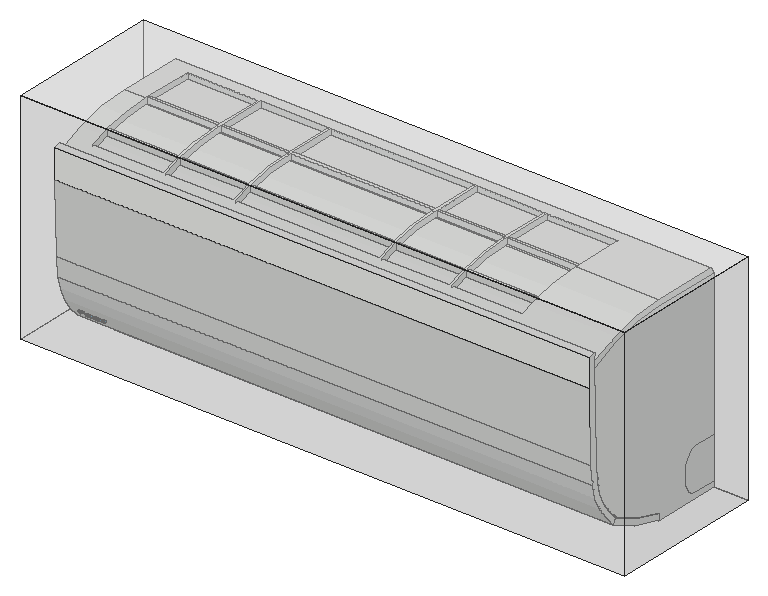
Revit family "outputfile", category 機械設備, Revit 2024
Family settings
  丸型コネクタ寸法 = 半径を使用
  パーツ タイプ = 標準
  OmniClass 番号 = 23.75.10.24.21.27.27
  OmniClass タイトル = Split System Air Conditioning Units
  作業面ベース = いいえ
  常に垂直 = はい
  ロード時にボイドで切り取り = いいえ
  注釈の向きを維持 = いいえ
  共有 = いいえ
  部屋計算ポイント = いいえ
Parameters (values of type "FTKF50TVMA")
  Description = ""
  書き出し IFC クラス(タイプ) = "IfcUnitaryEquipmentType"
  定義済み IFC タイプ(タイプ) = "AIRCONDITIONINGUNIT"
  Cost = 0
  Type Comments = ""
  Keynote = ""
  Type Image = (empty or 0)
  Assembly Code = ""
  w_wall hole = if(Width = 770.0 mm, 48.0 mm, 60.0 mm)  # 48.0 mm
  製造元 = "Daikin"
  モデル = "FTKF50TVMA"
  switch_frequency = yes
  r_Liquid Pipe Size = Liquid Pipe Size / 2  # 3.2 mm
  r_Gas Pipe Size = Gas Pipe Size / 2  # 6.35 mm
  r_Drain Pipe Size = Drain Pipe Size / 2  # 8.0 mm
  lw_powersupply [instance] = if(Width = 770.0 mm, if(or(Rear Right Connection_refrigerant, Bottom Right Connection_refrigerant), 25.0 mm, if(or(Rear Left Connection_refrigerant, Bottom Left Connection_refrigerant), 745.0 mm, 400.0 mm)), if(Width = 990.0 mm, if(or(Rear Right Connection_refrigerant, Bottom Right Connection_refrigerant), 40.0 mm, if(or(Rear Left Connection_refrigerant, Bottom Left Connection_refrigerant), 920.0 mm, 400.0 mm)), if(or(Rear Right Connection_refrigerant, Bottom Right Connection_refrigerant), 40.0 mm, if(or(Rear Left Connection_refrigerant, Bottom Left Connection_refrigerant), 920.0 mm, 400.0 mm))))  # 400.0 mm
  lw_liquidpipe [instance] = if(Width = 770.0 mm, if(or(Rear Right Connection_refrigerant, Bottom Right Connection_refrigerant), 0.0 mm, if(or(Rear Left Connection_refrigerant, Bottom Left Connection_refrigerant), 664.0 mm, 385.0 mm)), if(Width = 990.0 mm, if(or(Rear Right Connection_refrigerant, Bottom Right Connection_refrigerant), 0.0 mm, if(or(Rear Left Connection_refrigerant, Bottom Left Connection_refrigerant), 664.0 mm + (990.0 mm - 770.0 mm), 475.0 mm)), if(or(Rear Right Connection_refrigerant, Bottom Right Connection_refrigerant), 0.0 mm, if(or(Rear Left Connection_refrigerant, Bottom Left Connection_refrigerant), 664.0 mm + (990.0 mm - 770.0 mm), 475.0 mm))))  # 385.0 mm
  lw_gaspipe [instance] = if(Width = 770.0 mm, if(or(Rear Right Connection_refrigerant, Bottom Right Connection_refrigerant), 0.0 mm, if(or(Rear Left Connection_refrigerant, Bottom Left Connection_refrigerant), 675.0 mm, if(Gas Pipe Size = 12.7 mm, 345.0 mm, 335.0 mm))), if(Width = 990.0 mm, if(or(Rear Right Connection_refrigerant, Bottom Right Connection_refrigerant), 10.0 mm, if(or(Rear Left Connection_refrigerant, Bottom Left Connection_refrigerant), 890.0 mm, if(Gas Pipe Size = 15.9 mm, 400.0 mm, 400.0 mm))), if(or(Rear Right Connection_refrigerant, Bottom Right Connection_refrigerant), 10.0 mm, if(or(Rear Left Connection_refrigerant, Bottom Left Connection_refrigerant), 890.0 mm, if(Gas Pipe Size = 15.9 mm, 400.0 mm, 400.0 mm)))))  # 345.0 mm
  lw_drainpipe [instance] = if(Width = 770.0 mm, if(or(Rear Right Connection_refrigerant, Bottom Right Connection_refrigerant), 0.0 mm, if(or(Rear Left Connection_refrigerant, Bottom Left Connection_refrigerant), 770.0 mm - 48.0 mm - 48.0 mm, 440.0 mm)), if(Width = 990.0 mm, if(or(Rear Right Connection_refrigerant, Bottom Right Connection_refrigerant), 0.0 mm, if(or(Rear Left Connection_refrigerant, Bottom Left Connection_refrigerant), 675.0 mm + (990.0 mm - 770.0 mm), 435.0 mm)), if(or(Rear Right Connection_refrigerant, Bottom Right Connection_refrigerant), 0.0 mm, if(or(Rear Left Connection_refrigerant, Bottom Left Connection_refrigerant), 675.0 mm + (990.0 mm - 770.0 mm), 435.0 mm))))  # 440.0 mm
  l_powersupply_length [instance] = if(Width = 770.0 mm, if(Right Connection_refrigerant, 400.0 mm, if(Left Connection_refrigerant, 770.0 mm - 400.0 mm, if(or(Rear Left Connection_refrigerant, Rear Right Connection_refrigerant), 15.0 mm, 50.0 mm))), if(Width = 990.0 mm, if(Right Connection_refrigerant, 400.0 mm, if(Left Connection_refrigerant, 990.0 mm - 400.0 mm, if(or(Rear Left Connection_refrigerant, Rear Right Connection_refrigerant), 15.0 mm, 50.0 mm))), if(Right Connection_refrigerant, 400.0 mm, if(Left Connection_refrigerant, 990.0 mm - 400.0 mm, if(or(Rear Left Connection_refrigerant, Rear Right Connection_refrigerant), 15.0 mm, 50.0 mm)))))  # 400.0 mm
  l_liquidpipe_length [instance] = if(Width = 770.0 mm, if(Right Connection_refrigerant, 433.0 mm, if(Left Connection_refrigerant, 337.0 mm, if(or(Rear Left Connection_refrigerant, Rear Right Connection_refrigerant), 30.0 mm, 40.0 mm))), if(Width = 990.0 mm, if(Right Connection_refrigerant, 535.0 mm, if(Left Connection_refrigerant, 455.0 mm, if(or(Rear Left Connection_refrigerant, Rear Right Connection_refrigerant), 30.0 mm, 40.0 mm))), if(Right Connection_refrigerant, 535.0 mm, if(Left Connection_refrigerant, 455.0 mm, if(or(Rear Left Connection_refrigerant, Rear Right Connection_refrigerant), 30.0 mm, 40.0 mm)))))  # 433.0 mm
  l_gaspipe_length [instance] = if(Width = 770.0 mm, if(Right Connection_refrigerant, if(Gas Pipe Size = 12.7 mm, 393.0 mm, 383.0 mm), if(Left Connection_refrigerant, if(Gas Pipe Size = 12.7 mm, 770.0 mm - 393.0 mm, 770.0 mm - 383.0 mm), if(or(Rear Left Connection_refrigerant, Rear Right Connection_refrigerant), 40.0 mm, 50.0 mm))), if(Width = 990.0 mm, if(Right Connection_refrigerant, if(Gas Pipe Size = 15.9 mm, 460.0 mm, 460.0 mm), if(Left Connection_refrigerant, if(Gas Pipe Size = 15.9 mm, 990.0 mm - 460.0 mm, 990.0 mm - 460.0 mm), if(or(Rear Left Connection_refrigerant, Rear Right Connection_refrigerant), 40.0 mm, 50.0 mm))), if(Right Connection_refrigerant, if(Gas Pipe Size = 15.9 mm, 460.0 mm, 460.0 mm), if(Left Connection_refrigerant, if(Gas Pipe Size = 15.9 mm, 990.0 mm - 460.0 mm, 990.0 mm - 460.0 mm), if(or(Rear Left Connection_refrigerant, Rear Right Connection_refrigerant), 40.0 mm, 50.0 mm)))))  # 393.0 mm
  l_drainpipe_length [instance] = if(Width = 770.0 mm, if(Right Connection_refrigerant, 488.0 mm, if(Left Connection_refrigerant, 282.0 mm, if(or(Rear Left Connection_refrigerant, Rear Right Connection_refrigerant), 15.0 mm, 20.0 mm))), if(Width = 990.0 mm, if(Right Connection_refrigerant, 495.0 mm, if(Left Connection_refrigerant, 495.0 mm, if(or(Rear Left Connection_refrigerant, Rear Right Connection_refrigerant), 15.0 mm, 20.0 mm))), if(Right Connection_refrigerant, 495.0 mm, if(Left Connection_refrigerant, 495.0 mm, if(or(Rear Left Connection_refrigerant, Rear Right Connection_refrigerant), 15.0 mm, 20.0 mm)))))  # 488.0 mm
  h*** = 0.0 mm  # constant formula
  connector_voltage = Voltage_50Hz  # 230 V
  connector_powerinput = [Power Input (Cooling)]  # 0.000 kW
  connector_phase = Phase_50Hz  # 1
  angle_vertical [instance] = if(or(Bottom Left Connection_refrigerant, Bottom Right Connection_refrigerant), 0.00°, 90.00°)  # 90.00°
  angle_horizontal [instance] = if(Right Connection_refrigerant, 90.00°, if(Left Connection_refrigerant, -90.00°, if(or(Rear Left Connection_refrigerant, Rear Right Connection_refrigerant), 180.00°, 0.00°)))  # 90.00°
  Width = 770.0 mm
  Voltage_comment_50Hz = "220 - 240"
  Voltage_50Hz = 230 V
  Version = "ver.1.0"
  Unit Type = "Wall Mounted"
  Unit Mass Weight = 9.00 kg
  Unit Designation [instance] = ""
  Uniclass2015Version = "Products v1.30"
  Uniclass2015Title = "Split coil room air conditioning units"
  Uniclass2015Code = "Pr_70_65_03_86"
  URL = ""
  Total Cooling Capacity [instance] = 0.000 kW
  Sound Pressure Level_M speed (dBA) = 41
  Sound Pressure Level_L speed (dBA) = 35
  Sound Pressure Level_H speed (dBA) = 46
  Sound Power Level_H speed (dB) = 0
  Series = "Single Split_Fan Coil Unit"
  Sensible Cooling Capacity [instance] = 0.000 kW
  Refrigerant Type = "R32"
  Power Input (Cooling) = 0.000 kW
  Phase_50Hz = 1
  Option Accessory 3 [instance] = ""
  Option Accessory 2 [instance] = ""
  Option Accessory 1 [instance] = ""
  Nominal Cooling Capacity = 5.000 kW
  Minimum Circuit Amps_50Hz = 0.0 A
  Minimum Airflow = 516.00 m³/h
  Median Airflow = 636.00 m³/h
  Maximum Fuse Amps_50Hz = 0.0 A
  Maximum Airflow = 762.00 m³/h
  Material_Casing = DAIKIN_PureWhite_Casing_indoorunit
  Load Classification = HVAC
  Liquid Pipe Size = 6.4 mm
  Link_Nested Family [instance] = ""
  IfcVersion = ""
  IfcExportType = "AIRCONDITIONINGUNIT"
  IfcExportAs = "IfcUnitaryEquipmentType"
  Height = 285.0 mm
  Heat Exchanger Type = "Cross Fin Coil"
  Gas Pipe Size = 12.7 mm
  Frequency_50Hz = 50 Hz
  Fan Type = "Cross Flow Fan"
  Fan Drive = "Direct Drive"
  FCU Tag No. [instance] = ""
  Drain Pipe Size = 16.0 mm
  Design Supply Airflow [instance] = 0.00 m³/h
  Depth = 223.0 mm
  既定の高さ = 0.0 mm
  Cooling Entering Wet Bulb Temperature [instance] = 0.00 °C
  Cooling Entering Dry Bulb Temperature [instance] = 0.00 °C
  Cooling Ambient Wet Bulb Temperature [instance] = 0.00 °C
  Cooling Ambient Dry Bulb Temperature [instance] = 0.00 °C
  Clearance visibility [instance] = yes
  Clearance Top = 30.0 mm
  Clearance Right = 50.0 mm
  Clearance Rear = 0.0 mm
  Clearance Left = 50.0 mm
  Clearance Front = 0.0 mm
  Clearance Bottom = 0.0 mm
  Bottom Right Connection_refrigerant [instance] = no
  Bottom Left Connection_refrigerant [instance] = no
  Rear Right Connection_refrigerant [instance] = no
  Rear Left Connection_refrigerant [instance] = no
  Right Connection_refrigerant [instance] = yes
  Left Connection_refrigerant [instance] = no
Reference planes
  plane 1 "Back": y = 0
  plane 2: z = 0
  plane 3 "Center (Left/Right)": x = 0
  plane 4 "Center (Front/Back)": y = -111.5
  plane 5 "Front": y = -223
  plane 6 "Left": x = -385
  plane 7 "Right": x = 385
  plane 8 "Top": z = 0
  plane 9 "Bottom": z = -285
  plane 10: x = -435
  plane 11: x = 435
  plane 12: y = 0
  plane 13: y = -223
  plane 14: z = 30
  plane 15: z = -285
  plane 16 "lw_Piping and Wiring intake": x = 337
  plane 17 "lw_gaspipe": x = -8
  plane 18 "lw_liquidpipe": x = -48
  plane 19 "lw_drainpipe": x = -103
  plane 20 "lh_drainpipe": z = -265
  plane 21 "lh_liquidpipe": z = -245
  plane 22 "lh_gaspipe": z = -235
  plane 23 "ld_drainpipe": y = -15
  plane 24 "ld_liquidpipe": y = -30
  plane 25 "ld_gaspipe": y = -40
  plane 26 "lw_powersupply": x = -15
Dimensions and locks
  equal spacing: plane 6 "Left", plane 3 "Center (Left/Right)", plane 7 "Right"
  "Width": plane 6 "Left" to plane 7 "Right"
  equal spacing: plane 5 "Front", plane 4 "Center (Front/Back)", plane 1 "Back"
  "Depth": plane 5 "Front" to plane 1 "Back"
  "Height": plane 8 "Top" to plane 9 "Bottom"
  "Clearance Rear": plane 12 to plane 1 "Back"
  "Clearance Front": plane 13 to plane 5 "Front"
  "Clearance Top": plane 14 to plane 8 "Top"
  "Clearance Bottom": plane 9 "Bottom" to plane 15
  "w_wall hole": plane 16 "lw_Piping and Wiring intake" to plane 7 "Right"
  "lw_gaspipe": plane 17 "lw_gaspipe" to plane 16 "lw_Piping and Wiring intake"
  "lw_liquidpipe": plane 18 "lw_liquidpipe" to plane 16 "lw_Piping and Wiring intake"
  "lw_drainpipe": plane 19 "lw_drainpipe" to plane 16 "lw_Piping and Wiring intake"
  locked: plane 20 "lh_drainpipe" to plane 9 "Bottom" at 20
  locked: plane 21 "lh_liquidpipe" to plane 9 "Bottom" at 40
  locked: plane 22 "lh_gaspipe" to plane 9 "Bottom" at 50
  locked: plane 23 "ld_drainpipe" to plane 1 "Back" at 15
  locked: plane 1 "Back" to plane 24 "ld_liquidpipe" at 30
  locked: plane 1 "Back" to plane 25 "ld_gaspipe" at 40
  "lw_powersupply": plane 26 "lw_powersupply" to plane 7 "Right"
  "Clearance Left": plane 10 to plane 6 "Left"
  "Clearance Right": plane 7 "Right" to plane 11
  aligned and locked: level to plane 2
  aligned and locked: plane 12 to nested 1
  aligned and locked: nested 1 to plane 13
  aligned and locked: plane 10 to nested 1
  aligned and locked: plane 11 to nested 1
  aligned and locked: plane 15 to nested 1
  aligned and locked: plane 14 to nested 1
  aligned and locked: plane 17 "lw_gaspipe" to nested 2
  aligned and locked: nested 2 to plane 25 "ld_gaspipe"
  aligned and locked: plane 18 "lw_liquidpipe" to nested 3
  aligned and locked: nested 3 to plane 24 "ld_liquidpipe"
  aligned and locked: plane 19 "lw_drainpipe" to nested 4
  aligned and locked: nested 4 to plane 23 "ld_drainpipe"
  aligned and locked: nested 5 to plane 23 "ld_drainpipe"
  aligned and locked: plane 26 "lw_powersupply" to nested 5
  aligned and locked: level to plane 8 "Top"
  aligned and locked: plane 3 "Center (Left/Right)" to nested 6
  aligned and locked: plane 1 "Back" to nested 6
  aligned and locked: plane 8 "Top" to nested 6
Nested families
  nested 1: "daikin_clearancespace" at (0, -111.5, -127.381), show <- "Clearance visibility", visible <- "Clearance visibility", Link_Nested Family <- "Link_Nested Family", type "daikin_clearancespace"
    with width 870.0 mm, show yes, height 315.0 mm, depth 223.0 mm, Link_Nested Family ""
  nested 2: "daikin_connector_rotate3" at (-8, -40, -235), angle_vertical <- "angle_vertical", angle_horizontal <- "angle_horizontal", length <- "l_gaspipe_length", radius <- "r_Gas Pipe Size", type "daikin_connector_rotate3"
    with show no, radius 6.35 mm, length 393.0 mm, angle_vertical 90.00°, angle_horizontal 90.00°
  nested 3: "daikin_connector_rotate3" at (-48, -30, -245), angle_vertical <- "angle_vertical", angle_horizontal <- "angle_horizontal", radius <- "r_Liquid Pipe Size", length <- "l_liquidpipe_length", type "daikin_connector_rotate3"
    with show no, radius 3.2 mm, length 433.0 mm, angle_vertical 90.00°, angle_horizontal 90.00°
  nested 4: "daikin_connector_rotate3" at (-103, -15, -265), angle_vertical <- "angle_vertical", angle_horizontal <- "angle_horizontal", length <- "l_drainpipe_length", radius <- "r_Drain Pipe Size", type "daikin_connector_rotate3"
    with show no, radius 8.0 mm, length 488.0 mm, angle_vertical 90.00°, angle_horizontal 90.00°
  nested 5: "daikin_connector_rotate3" at (-15, -15, -235), angle_vertical <- "angle_vertical", angle_horizontal <- "angle_horizontal", length <- "l_powersupply_length", type "daikin_connector_rotate3"
    with show no, radius 10.0 mm, length 400.0 mm, angle_vertical 90.00°, angle_horizontal 90.00°
  nested 6: "DAIKIN_indoorunit_FTKF-TVMA" at (-31, 0, 0), type "FTKF-TVMA"
Connectors
  piping at (385, -40, -235), diameter 12.7, driven by "r_Gas Pipe Size"
    settings: on nested 2, index 1, connector inside diameter 609.6 mm, connector length 0.0 mm, flow factor 0, pipe flow 0.00 m³/h, pressure drop 0.0 Pa, fitting loss kfactor 0, connector angle 0.00°, fixture units 0, engagement length 0.0 mm, angle of deflection 0.00°, flow configuration 1, flow direction 2, fitting loss method 0, system type 29, joint type 0, gender type 0, connector reference index -1, connector utility 0, adjustable connector no, is connector primary yes, connector description "Refrigerant Gas Piping"
  piping at (385, -30, -245), diameter 6.4, driven by "r_Liquid Pipe Size"
    settings: on nested 3, index 2, connector inside diameter 609.6 mm, connector length 0.0 mm, flow factor 0, pipe flow 0.00 m³/h, pressure drop 0.0 Pa, fitting loss kfactor 0, connector angle 0.00°, fixture units 0, engagement length 0.0 mm, angle of deflection 0.00°, flow configuration 1, flow direction 1, fitting loss method 0, system type 29, joint type 0, gender type 0, connector reference index -1, connector utility 0, adjustable connector no, is connector primary no, connector description "Refrigerant Liquid Piping"
  piping at (385, -15, -265), diameter 16, driven by "r_Drain Pipe Size"
    settings: on nested 4, index 3, connector inside diameter 609.6 mm, connector length 0.0 mm, flow factor 0, pipe flow 0.00 m³/h, pressure drop 0.0 Pa, fitting loss kfactor 0, connector angle 0.00°, fixture units 0, engagement length 0.0 mm, angle of deflection 0.00°, flow configuration 1, flow direction 2, fitting loss method 4, system type 16, joint type 0, gender type 0, connector reference index -1, connector utility 0, adjustable connector no, is connector primary no, connector description "Condensate Drain Piping"
  electrical at (385, -15, -235), driven by "Load Classification", driven by "connector_voltage", driven by "connector_phase", driven by "connector_powerinput"
    settings: on nested 5, index 4, voltage 230 V, apparent load 0 VA, apparent load phase1 0 VA, apparent load phase2 0 VA, apparent load phase3 0 VA, power factor 1, load classification "HVAC", number of poles 1, system type 30, power factor state 1, is connector primary yes, connector utility no, sub classification motor no, connector description "Power Supply"
Definition of nested family "daikin_clearancespace"
  Parameters (values of type "daikin_clearancespace")
    Description = "daikin_clearancespace"
    width [instance] = 1823.963 mm
    show [instance] = yes
    material = none
    height [instance] = 1359.762 mm
    depth [instance] = 880.0 mm
    Default Elevation = 0.0 mm
    Link_Nested Family [instance] = ""
  Reference planes
    plane 1 "Center (Front/Back)": y = 0
    plane 2 "Center (Elevation)": z = -0.119
    plane 3 "Center (Left/Right)": x = 0
    plane 4: y = 440
    plane 5: y = -440
    plane 6 "Right": x = 911.982
    plane 7 "Left": x = -911.982
    plane 8 "Top": z = 679.762
    plane 9 "Bottom": z = -680
  Forms (mm)
    Extrusion 1, solid, material <- "material", visible <- "show"
      sketch origin (0, 0, 0) x (1, 0, 0) y (0, 1, 0)
        loop
          line (-911.982, 440) -> (-911.982, -440) -> (911.982, -440) -> (911.982, 440) -> (-911.982, 440)
      from -680 to 679.762
  Lines and regions (mm)
    symbolic lines, visible <- "show"
      curve 1: line (911.982, 440, 0) -> (-911.982, 440, 0)
      curve 2: line (-911.982, 440, 0) -> (-911.982, -440, 0)
      curve 3: line (-911.982, -440, 0) -> (911.982, -440, 0)
      curve 4: line (911.982, -440, 0) -> (911.982, 440, 0)
      curve 5: line (911.982, 0, 679.762) -> (-911.982, 0, 679.762)
      curve 6: line (911.982, 0, -680) -> (911.982, 0, 679.762)
      curve 7: line (-911.982, 0, -680) -> (911.982, 0, -680)
      curve 8: line (-911.982, 0, 679.762) -> (-911.982, 0, -680)
      curve 9: line (0, 440, 679.762) -> (0, -440, 679.762)
      curve 10: line (0, -440, 679.762) -> (0, -440, -680)
      curve 11: line (0, 440, -680) -> (0, 440, 679.762)
      curve 12: line (0, -440, -680) -> (0, 440, -680)
  Dimensions and locks
    "width": plane 7 "Left" to plane 6 "Right"
    "depth": plane 4 to plane 5
    "height": plane 8 "Top" to plane 9 "Bottom"
    equal spacing: plane 7 "Left", plane 3 "Center (Left/Right)", plane 6 "Right"
    equal spacing: plane 4, plane 1 "Center (Front/Back)", plane 5
    equal spacing: plane 8 "Top", plane 2 "Center (Elevation)", plane 9 "Bottom"
    aligned and locked: level to plane 2 "Center (Elevation)"
    aligned and locked: Extrusion 1 sketch curve to plane 4
    aligned and locked: plane 7 "Left" to Extrusion 1 sketch curve
    aligned and locked: Extrusion 1 sketch curve to plane 5
    aligned and locked: Extrusion 1 sketch curve to plane 6 "Right"
    aligned and locked: plane 8 "Top" to Extrusion 1
    aligned and locked: curve 1 to Extrusion 1
    aligned and locked: curve 2 to Extrusion 1
    aligned and locked: curve 3 to Extrusion 1
    aligned and locked: curve 4 to Extrusion 1
    aligned and locked: curve 5 to Extrusion 1
    aligned and locked: curve 6 to Extrusion 1
    aligned and locked: curve 7 to Extrusion 1
    aligned and locked: curve 8 to Extrusion 1
    aligned and locked: curve 9 to Extrusion 1
    aligned and locked: curve 10 to Extrusion 1
    aligned and locked: curve 11 to Extrusion 1
    aligned and locked: curve 12 to Extrusion 1
    aligned and locked: Extrusion 1 to plane 9 "Bottom"
Definition of nested family "DAIKIN_indoorunit_FTKF-TVMA"
  Parameters (values of type "FTKF-TVMA")
    switch_unit1_60-71 = Width = 990.0 mm  # no
    switch_unit1_20-50 = Width = 770.0 mm  # yes
    Width = 770.0 mm
    WALL HOLE-R = if(Width = 770.0 mm, 48.0 mm, 60.0 mm)  # 48.0 mm
    WALL HOLE Size = if(Width = 770.0 mm, 65.0 mm, 80.0 mm)  # 65.0 mm
    Material_Casing = none
    Height = if(Width = 770.0 mm, 285.0 mm, 295.0 mm)  # 285.0 mm
    Default Elevation = 0.0 mm
  Reference planes
    plane 1 "Center (Front/Back)": y = 0
    plane 2 "reference_level": z = 0
    plane 3 "Center (Left/Right)": x = 31
    plane 4: x = -354
    plane 5: x = 416
    plane 6: z = -285
  Forms (mm)
    Extrusion 1, solid, material <- "Material_Casing", visible <- "switch_unit1_20-50"
      sketch origin (29, 0, 0) x (0, 1, 0) y (0, 0, 1)
        loop
          line (-5, 0) -> (-98, 0)
          arc (-98, 0) -> (-157.611, -7.211) -> (-213.783, -28.427) r 250
          arc (-213.783, -28.427) -> (-213.842, -32.972) -> (-213.892, -37.516) r 2191
          arc (-213.892, -37.516) -> (-157.832, -15.495) -> (-98.07, -8) r 242
          line (-98.07, -8) -> (0, -8) -> (-5, 0)
      from -383 to 387
    Extrusion 2, solid, material <- "Material_Casing", visible <- "switch_unit1_20-50"
      sketch origin (416, 1296.25, 1200) x (0, 1, 0) y (0, 0, 1)
        loop
          line (-1472.998, -1446.91) -> (-1476.998, -1453.839)
          arc (-1476.998, -1453.839) -> (-1437.481, -1472.422) -> (-1395.25, -1483.538) r 240
          line (-1395.25, -1483.538) -> (-1395.25, -1475.422)
          arc (-1395.25, -1475.422) -> (-1435.407, -1464.663) -> (-1472.998, -1446.91) r 232
      from 0 to -47.5
    Extrusion 3, solid, material <- "Material_Casing", visible <- "switch_unit1_20-50"
      sketch origin (29, 0, 0) x (0, 1, 0) y (0, 0, 1)
        loop
          arc (-223, -60.455) -> (-222.414, -110.646) -> (-220.656, -160.81) r 2149.92
          arc (-220.656, -160.81) -> (-219.65, -174.299) -> (-217.853, -187.706) r 229.911
          arc (-217.853, -187.706) -> (-205.371, -223.594) -> (-181.517, -253.17) r 111
          line (-181.517, -253.17) -> (-177.429, -246.093)
          arc (-177.429, -246.093) -> (-198.77, -218.989) -> (-209.965, -186.36) r 103
          arc (-209.965, -186.36) -> (-211.681, -173.586) -> (-212.651, -160.735) r 221.844
          arc (-212.651, -160.735) -> (-214.739, -93.233) -> (-214.74, -25.699) r 2186.828
          arc (-214.74, -25.699) -> (-214.671, -21.467) -> (-214.594, -17.235) r 2192
          line (-214.594, -17.235) -> (-223, -19.961) -> (-223, -60.455)
      from -383 to 387
    Extrusion 4, solid, material <- "Material_Casing", visible <- "switch_unit1_20-50"
      sketch origin (29, 0, -20) x (0, 1, 0) y (0, 0, 1)
        loop
          line (0, -265) -> (0, 12) -> (-98.07, 12)
          arc (-98.07, 12) -> (-157.832, 4.505) -> (-213.892, -17.516) r 242
          arc (-213.892, -17.516) -> (-213.638, -79.114) -> (-211.653, -140.681) r 2191
          arc (-211.653, -140.681) -> (-210.685, -153.501) -> (-208.973, -166.243) r 221
          arc (-208.973, -166.243) -> (-197.471, -199.282) -> (-175.482, -226.491) r 102
          arc (-175.482, -226.491) -> (-138.004, -244.019) -> (-98, -254.579) r 231
          line (-98, -254.579) -> (-98, -265) -> (0, -265)
      from -383 to 387
    Extrusion 5, solid, material <- "Material_Casing", visible <- "switch_unit1_20-50"
      sketch origin (-354, 1296.25, 1200) x (0, 1, 0) y (0, 0, 1)
        loop
          line (-1472.998, -1446.91) -> (-1476.998, -1453.839)
          arc (-1476.998, -1453.839) -> (-1437.481, -1472.422) -> (-1395.25, -1483.538) r 240
          line (-1395.25, -1483.538) -> (-1395.25, -1475.422)
          arc (-1395.25, -1475.422) -> (-1435.407, -1464.663) -> (-1472.998, -1446.91) r 232
      from 47 to 0
    Extrusion 6, solid, material <- "Material_Casing", visible <- "switch_unit1_20-50"
      sketch origin (416, 1296.25, 1200) x (0, 1, 0) y (0, 0, 1)
        loop
          line (-1472.998, -1446.91) -> (-1476.998, -1453.839)
          arc (-1476.998, -1453.839) -> (-1443.437, -1470.168) -> (-1407.75, -1481.097) r 240
          line (-1407.75, -1481.097) -> (-1407.75, -1472.894)
          arc (-1407.75, -1472.894) -> (-1441.363, -1462.385) -> (-1472.998, -1446.91) r 232
      from -116.993 to -48.493
    Extrusion 7, solid, material <- "Material_Casing", visible <- "switch_unit1_20-50"
      sketch origin (416, 1296.25, 1200) x (0, 1, 0) y (0, 0, 1)
        loop
          line (-1472.998, -1446.91) -> (-1476.998, -1453.839)
          arc (-1476.998, -1453.839) -> (-1443.437, -1470.168) -> (-1407.75, -1481.097) r 240
          line (-1407.75, -1481.097) -> (-1407.75, -1472.894)
          arc (-1407.75, -1472.894) -> (-1441.363, -1462.385) -> (-1472.998, -1446.91) r 232
      from -717 to -121.993
    Extrusion 8, void
      sketch origin (31, 0, -235) x (1, 0, 0) y (0, 1, 0)
        loop
          line (-252.674, -22.316) -> (-354.941, -22.316) -> (-354.941, -91.341) -> (-252.674, -91.341) -> (-252.674, -22.316)
        loop
          line (-249.341, -91.341) -> (-151.574, -91.341) -> (-151.574, -22.316) -> (-249.341, -22.316) -> (-249.341, -91.341)
        loop
          line (58.309, -22.316) -> (-148.309, -22.316) -> (-148.309, -91.341) -> (58.309, -91.341) -> (58.309, -22.316)
        loop
          line (61.689, -22.316) -> (61.689, -91.341) -> (159.457, -91.341) -> (159.457, -22.316) -> (61.689, -22.316)
        loop
          line (162.789, -22.316) -> (162.789, -91.341) -> (265.057, -91.341) -> (265.057, -22.316) -> (162.789, -22.316)
        loop
          line (-354.941, -94.659) -> (-354.941, -165.259) -> (-252.674, -165.259) -> (-252.674, -94.659) -> (-354.941, -94.659)
        loop
          line (-249.341, -94.659) -> (-249.341, -165.259) -> (-151.574, -165.259) -> (-151.574, -94.659) -> (-249.341, -94.659)
        loop
          line (-148.309, -94.659) -> (-148.309, -165.259) -> (58.309, -165.259) -> (58.309, -94.659) -> (-148.309, -94.659)
        loop
          line (61.689, -94.659) -> (61.689, -165.259) -> (159.457, -165.259) -> (159.457, -94.659) -> (61.689, -94.659)
        loop
          line (162.789, -94.659) -> (162.789, -165.259) -> (265.057, -165.259) -> (265.057, -94.659) -> (162.789, -94.659)
        loop
          line (-354.941, -167.382) -> (-354.941, -192.681) -> (-252.674, -192.681) -> (-252.674, -167.382) -> (-354.941, -167.382)
        loop
          line (-249.341, -167.382) -> (-249.341, -192.681) -> (-151.574, -192.681) -> (-151.574, -167.382) -> (-249.341, -167.382)
        loop
          line (-148.309, -167.382) -> (-148.309, -192.681) -> (58.309, -192.681) -> (58.309, -167.382) -> (-148.309, -167.382)
        loop
          line (159.457, -167.382) -> (61.689, -167.382) -> (61.689, -192.681) -> (159.457, -192.681) -> (159.457, -167.382)
        loop
          line (265.057, -167.382) -> (162.789, -167.382) -> (162.789, -192.681) -> (265.057, -192.681) -> (265.057, -167.382)
      from 201.638 to 250
    Extrusion 9, solid, material <- "Material_Casing"
      sketch origin (31, 0, 0) x (1, 0, 0) y (0, 0, 1)
        loop
          circle (337, -240.5) r 32.5
        loop
          circle (-337, -240.5) r 32.5
      from 0 to 5
    Extrusion 10, solid, material <- "Material_Casing", visible <- "switch_unit1_20-50"
      sketch origin (416, 1296.25, 1200) x (0, -1, 0) y (0, 0, 1)
        loop
          line (1326.25, -1417) -> (1296.25, -1417) -> (1296.25, -1477) -> (1326.25, -1477)
          arc (1326.25, -1477) -> (1340.393, -1471.142) -> (1346.25, -1457) r 20
          line (1346.25, -1457) -> (1346.25, -1437)
          arc (1346.25, -1437) -> (1340.393, -1422.858) -> (1326.25, -1417) r 20
      from 0 to 5
    Extrusion 11, solid, material <- "Material_Casing", visible <- "switch_unit1_20-50"
      sketch origin (-354, 1296.25, 1200) x (0, 1, 0) y (0, 0, 1)
        loop
          line (-1296.25, -1417) -> (-1326.25, -1417)
          arc (-1326.25, -1417) -> (-1340.393, -1422.858) -> (-1346.25, -1437) r 20
          line (-1346.25, -1437) -> (-1346.25, -1457)
          arc (-1346.25, -1457) -> (-1340.393, -1471.142) -> (-1326.25, -1477) r 20
          line (-1326.25, -1477) -> (-1296.25, -1477) -> (-1296.25, -1417)
      from 0 to 5
    Extrusion 12, solid, material <- "Material_Casing", visible <- "switch_unit1_20-50"
      sketch origin (31, 0, -285) x (-1, 0, 0) y (0, -1, 0)
        loop
          line (-314, 0) -> (-314, 30)
          arc (-314, 30) -> (-319.858, 44.142) -> (-334, 50) r 20
          line (-334, 50) -> (-354, 50)
          arc (-354, 50) -> (-368.142, 44.142) -> (-374, 30) r 20
          line (-374, 30) -> (-374, 0) -> (-314, 0)
        loop
          line (374, 0) -> (374, 30)
          arc (374, 30) -> (368.142, 44.142) -> (354, 50) r 20
          line (354, 50) -> (334, 50)
          arc (334, 50) -> (319.858, 44.142) -> (314, 30) r 20
          line (314, 30) -> (314, 0) -> (374, 0)
      from 0 to 5
    Extrusion 13, solid, material <- "Material_Casing", visible <- "switch_unit1_60-71"
      sketch origin (31, 0, 0) x (0, 1, 0) y (0, 0, 1)
        loop
          line (-5, 0) -> (-138, 0)
          arc (-138, 0) -> (-197.611, -7.211) -> (-253.783, -28.427) r 250
          arc (-253.783, -28.427) -> (-253.838, -32.687) -> (-253.886, -36.946) r 2191
          arc (-253.886, -36.946) -> (-197.73, -15.346) -> (-138.014, -8) r 246.393
          line (-138.014, -8) -> (0, -8) -> (-5, 0)
      from -495 to 495
    Extrusion 14, solid, material <- "Material_Casing", visible <- "switch_unit1_60-71"
      sketch origin (418, 1296.25, 1200) x (0, 1, 0) y (0, 0, 1)
        loop
          arc (-1515.208, -1454.149) -> (-1506.856, -1460.599) -> (-1497.925, -1466.219) r 110
          arc (-1497.925, -1466.219) -> (-1445.718, -1487.493) -> (-1389.844, -1494.995) r 223
          line (-1389.844, -1494.995) -> (-1389.844, -1486.086) -> (-1404.386, -1486.086)
          arc (-1404.386, -1486.086) -> (-1449.542, -1477.46) -> (-1491.818, -1459.402) r 214.289
          arc (-1491.818, -1459.402) -> (-1501.056, -1453.541) -> (-1509.606, -1446.715) r 101
          line (-1509.606, -1446.715) -> (-1515.208, -1454.149)
      from 108 to 57.5
    Extrusion 15, solid, material <- "Material_Casing", visible <- "switch_unit1_60-71"
      sketch origin (31, 0, 0) x (0, 1, 0) y (0, 0, 1)
        loop
          line (-263, -19.962) -> (-263, -61.6)
          arc (-263, -61.6) -> (-262.414, -110.219) -> (-260.656, -158.81) r 2017.341
          arc (-260.656, -158.81) -> (-255.648, -191.935) -> (-244.041, -223.362) r 164.725
          arc (-244.041, -223.362) -> (-233.569, -239.793) -> (-219.717, -253.495) r 87.379
          line (-219.717, -253.495) -> (-214.706, -246.846)
          arc (-214.706, -246.846) -> (-229.564, -230.029) -> (-240.385, -210.371) r 102
          arc (-240.385, -210.371) -> (-249.049, -182.962) -> (-252.848, -154.467) r 165.789
          arc (-252.848, -154.467) -> (-254.771, -90.102) -> (-254.74, -25.708) r 2122.533
          arc (-254.74, -25.708) -> (-254.671, -21.469) -> (-254.594, -17.23) r 2192
          line (-254.594, -17.23) -> (-263, -19.962)
      from -495 to 495
    Extrusion 16, void
      sketch origin (33, 0, 0) x (1, 0, 0) y (0, 1, 0)
        loop
          line (-466.909, -22.316) -> (-466.909, -111.341) -> (-366.303, -111.341) -> (-366.303, -22.316) -> (-466.909, -22.316)
        loop
          line (-362.71, -22.316) -> (-362.71, -111.341) -> (-262.103, -111.341) -> (-262.103, -22.316) -> (-362.71, -22.316)
        loop
          line (-258.51, -22.316) -> (-258.51, -111.341) -> (-157.904, -111.341) -> (-157.904, -22.316) -> (-258.51, -22.316)
        loop
          line (-154.31, -22.316) -> (-154.31, -111.341) -> (-53.704, -111.341) -> (-53.704, -22.316) -> (-154.31, -22.316)
        loop
          line (-50.11, -22.316) -> (-50.11, -111.341) -> (50.496, -111.341) -> (50.496, -22.316) -> (-50.11, -22.316)
        loop
          line (54.089, -22.316) -> (54.089, -111.341) -> (154.696, -111.341) -> (154.696, -22.316) -> (54.089, -22.316)
        loop
          line (158.289, -22.316) -> (158.289, -111.341) -> (258.895, -111.341) -> (258.895, -22.316) -> (158.289, -22.316)
        loop
          line (262.489, -22.316) -> (262.489, -111.341) -> (363.095, -111.341) -> (363.095, -22.316) -> (262.489, -22.316)
        loop
          line (-466.909, -114.459) -> (-466.909, -185.059) -> (-366.303, -185.059) -> (-366.303, -114.459) -> (-466.909, -114.459)
        loop
          line (-362.71, -114.459) -> (-362.71, -185.059) -> (-262.103, -185.059) -> (-262.103, -114.459) -> (-362.71, -114.459)
        loop
          line (-258.51, -114.459) -> (-258.51, -185.059) -> (-157.904, -185.059) -> (-157.904, -114.459) -> (-258.51, -114.459)
        loop
          line (-154.31, -114.459) -> (-154.31, -185.059) -> (-53.704, -185.059) -> (-53.704, -114.459) -> (-154.31, -114.459)
        loop
          line (-50.11, -114.459) -> (-50.11, -185.059) -> (50.496, -185.059) -> (50.496, -114.459) -> (-50.11, -114.459)
        loop
          line (54.089, -114.459) -> (54.089, -185.059) -> (154.696, -185.059) -> (154.696, -114.459) -> (54.089, -114.459)
        loop
          line (158.289, -114.459) -> (158.289, -185.059) -> (258.895, -185.059) -> (258.895, -114.459) -> (158.289, -114.459)
        loop
          line (262.489, -114.459) -> (262.489, -185.059) -> (363.095, -185.059) -> (363.095, -114.459) -> (262.489, -114.459)
        loop
          line (-466.909, -187.382) -> (-466.909, -232.681) -> (-366.303, -232.681) -> (-366.303, -187.382) -> (-466.909, -187.382)
        loop
          line (-362.71, -187.382) -> (-362.71, -232.681) -> (-262.103, -232.681) -> (-262.103, -187.382) -> (-362.71, -187.382)
        loop
          line (-258.51, -187.382) -> (-258.51, -232.681) -> (-157.904, -232.681) -> (-157.904, -187.382) -> (-258.51, -187.382)
        loop
          line (-154.31, -187.382) -> (-154.31, -232.681) -> (-53.704, -232.681) -> (-53.704, -187.382) -> (-154.31, -187.382)
        loop
          line (-50.11, -187.382) -> (-50.11, -232.681) -> (50.496, -232.681) -> (50.496, -187.382) -> (-50.11, -187.382)
        loop
          line (54.089, -187.382) -> (54.089, -232.681) -> (154.696, -232.681) -> (154.696, -187.382) -> (54.089, -187.382)
        loop
          line (158.289, -187.382) -> (158.289, -232.681) -> (258.895, -232.681) -> (258.895, -187.382) -> (158.289, -187.382)
        loop
          line (262.489, -187.382) -> (262.489, -232.681) -> (363.095, -232.681) -> (363.095, -187.382) -> (262.489, -187.382)
      from -40.013 to 47.268
    Extrusion 17, solid, material <- "Material_Casing", visible <- "switch_unit1_60-71"
      sketch origin (-356, 1296.25, 1200) x (0, 1, 0) y (0, 0, -1)
        loop
          line (-1515.208, 1454.149) -> (-1509.606, 1446.715)
          arc (-1509.606, 1446.715) -> (-1501.056, 1453.541) -> (-1491.818, 1459.402) r 101
          arc (-1491.818, 1459.402) -> (-1449.542, 1477.46) -> (-1404.386, 1486.086) r 214.289
          line (-1404.386, 1486.086) -> (-1389.844, 1486.086) -> (-1389.844, 1494.995)
          arc (-1389.844, 1494.995) -> (-1445.718, 1487.493) -> (-1497.925, 1466.219) r 223
          arc (-1497.925, 1466.219) -> (-1506.856, 1460.599) -> (-1515.208, 1454.149) r 110
      from 108 to 61
    Extrusion 18, solid, material <- "Material_Casing", visible <- "switch_unit1_60-71"
      sketch origin (418, 1296.25, 1200) x (0, 1, 0) y (0, 0, 1)
        loop
          arc (-1515.208, -1454.149) -> (-1506.856, -1460.599) -> (-1497.925, -1466.219) r 110
          arc (-1497.925, -1466.219) -> (-1463.185, -1482.066) -> (-1426.25, -1491.755) r 223
          line (-1426.25, -1491.755) -> (-1426.25, -1483.166)
          arc (-1426.25, -1483.166) -> (-1460.008, -1473.969) -> (-1491.818, -1459.402) r 214.289
          arc (-1491.818, -1459.402) -> (-1501.056, -1453.541) -> (-1509.606, -1446.715) r 101
          line (-1509.606, -1446.715) -> (-1515.208, -1454.149)
      from 56.5 to -36.993
    Extrusion 19, solid, material <- "Material_Casing", visible <- "switch_unit1_60-71"
      sketch origin (418, 1296.25, 1200) x (0, 1, 0) y (0, 0, 1)
        loop
          arc (-1426.25, -1483.166) -> (-1443.442, -1479.224) -> (-1460.25, -1473.881) r 214.289
          line (-1460.25, -1473.881) -> (-1460.25, -1483.089)
          arc (-1460.25, -1483.089) -> (-1443.421, -1488.091) -> (-1426.25, -1491.755) r 223
          line (-1426.25, -1491.755) -> (-1426.25, -1483.166)
      from -43.493 to -828.893
    Extrusion 20, solid, material <- "Material_Casing", visible <- "switch_unit1_60-71"
      sketch origin (418, 1296.25, 1200) x (0, 1, 0) y (0, 0, 1)
        loop
          arc (-1515.208, -1454.149) -> (-1506.856, -1460.599) -> (-1497.925, -1466.219) r 110
          arc (-1497.925, -1466.219) -> (-1479.479, -1475.527) -> (-1460.25, -1483.089) r 223
          line (-1460.25, -1483.089) -> (-1460.25, -1473.881)
          arc (-1460.25, -1473.881) -> (-1476.328, -1467.282) -> (-1491.818, -1459.402) r 214.289
          arc (-1491.818, -1459.402) -> (-1501.056, -1453.541) -> (-1509.606, -1446.715) r 101
          line (-1509.606, -1446.715) -> (-1515.208, -1454.149)
      from -43.493 to -828.893
    Extrusion 21, solid, material <- "Material_Casing", visible <- "switch_unit1_60-71"
      sketch origin (31, 0, -30) x (0, 1, 0) y (0, 0, 1)
        loop
          line (0, 22) -> (-138.014, 22)
          arc (-138.014, 22) -> (-197.73, 14.654) -> (-253.886, -6.946) r 246.393
          arc (-253.886, -6.946) -> (-253.682, -65.635) -> (-251.855, -124.295) r 2120.935
          arc (-251.855, -124.295) -> (-248.086, -152.682) -> (-239.461, -179.988) r 164.789
          arc (-239.461, -179.988) -> (-228.903, -199.231) -> (-214.437, -215.738) r 101
          line (-214.437, -215.738) -> (-212.406, -216.221)
          arc (-212.406, -216.221) -> (-204.07, -222.837) -> (-195.079, -228.53) r 100
          arc (-195.079, -228.53) -> (-145.557, -248.629) -> (-92.593, -255.785) r 213.289
          line (-92.593, -255.785) -> (-92.593, -265) -> (0, -265) -> (0, 22)
      from -495 to 495
    Extrusion 22, solid, material <- "Material_Casing", visible <- "switch_unit1_60-71"
      sketch origin (526, 1296.25, 1200) x (0, -1, 0) y (0, 0, 1)
        loop
          line (1326.25, -1427.035) -> (1296.25, -1427.035) -> (1296.25, -1487.035) -> (1326.25, -1487.035)
          arc (1326.25, -1487.035) -> (1340.393, -1481.177) -> (1346.25, -1467.035) r 20
          line (1346.25, -1467.035) -> (1346.25, -1447.035)
          arc (1346.25, -1447.035) -> (1340.393, -1432.892) -> (1326.25, -1427.035) r 20
      from 0 to 5
    Extrusion 23, solid, material <- "Material_Casing", visible <- "switch_unit1_60-71"
      sketch origin (-459, 1296.25, 1200) x (0, -1, 0) y (0, 0, 1)
        loop
          line (1326.25, -1427.035) -> (1296.25, -1427.035) -> (1296.25, -1487.035) -> (1326.25, -1487.035)
          arc (1326.25, -1487.035) -> (1340.393, -1481.177) -> (1346.25, -1467.035) r 20
          line (1346.25, -1467.035) -> (1346.25, -1447.035)
          arc (1346.25, -1447.035) -> (1340.393, -1432.892) -> (1326.25, -1427.035) r 20
      from 0 to 5
    Extrusion 24, solid, material <- "Material_Casing", visible <- "switch_unit1_60-71"
      sketch origin (31, 200, -295) x (-1, 0, 0) y (0, -1, 0)
        loop
          line (469, 200) -> (469, 230)
          arc (469, 230) -> (463.142, 244.142) -> (449, 250) r 20
          line (449, 250) -> (429, 250)
          arc (429, 250) -> (414.858, 244.142) -> (409, 230) r 20
          line (409, 230) -> (409, 200) -> (469, 200)
        loop
          line (-469, 200) -> (-409, 200) -> (-409, 230)
          arc (-409, 230) -> (-414.858, 244.142) -> (-429, 250) r 20
          line (-429, 250) -> (-449, 250)
          arc (-449, 250) -> (-463.142, 244.142) -> (-469, 230) r 20
          line (-469, 230) -> (-469, 200)
      from 0 to 5
  Cuts and joins
    Extrusion 8 cuts Extrusion 1
    Extrusion 16 cuts Extrusion 13
  Lines and regions (mm)
    reference lines
      curve 1: line (-523, -201.911, -229.404) -> (-523, -193.542, -239.977)
      curve 2: line (-523, -240.779, -229.404) -> (-523, -232.411, -239.977)
  Dimensions and locks
    locked: Extrusion 10 sketch curve to Extrusion 10 sketch curve at 60
    locked: Extrusion 10 sketch curve to Extrusion 10 sketch curve at 50
    locked: Extrusion 12 sketch curve to Extrusion 12 sketch curve at 60  (x2)
    locked: Extrusion 12 sketch curve to Extrusion 12 sketch curve at 50
    equal spacing: plane 5, plane 3 "Center (Left/Right)", plane 4
    "Width": plane 5 to plane 4
    locked: Extrusion 9 sketch curve to plane 4 at 48
    "WALL HOLE-R": plane 5 to Extrusion 9 sketch curve
    "Height": plane 2 "reference_level" to plane 6
    locked: Extrusion 9 sketch curve to plane 6 at 44.5  (x2)
    locked: Extrusion 15 to nested 2 at 15
    locked: Extrusion 22 sketch curve to Extrusion 22 sketch curve at 60
    locked: Extrusion 22 sketch curve to Extrusion 22 sketch curve at 50
    locked: Extrusion 23 sketch curve to Extrusion 23 sketch curve at 60
    locked: Extrusion 23 sketch curve to Extrusion 23 sketch curve at 50
    locked: Extrusion 24 sketch curve to Extrusion 24 sketch curve at 60  (x2)
    locked: Extrusion 24 sketch curve to Extrusion 24 sketch curve at 50  (x2)
    "WALL HOLE Size": diameter of Extrusion 9 sketch curve  (x2)
    aligned and locked: level to plane 2 "reference_level"
    aligned and locked: nested 1 to curve 1
    aligned and locked: Extrusion 11 sketch curve to Extrusion 10  (x4)
    aligned and locked: Extrusion 12 sketch curve to Extrusion 12 sketch curve  (x2)
    aligned and locked: Extrusion 9 to plane 1 "Center (Front/Back)"
    aligned and locked: nested 2 to curve 2
  Automatic sketch dimensions
    curve 1 to level = 239.977 mm
    plane 1 "Center (Front/Back)" to curve 1 = 193.542 mm
    curve 2 to curve 1 = 0.0 mm
    curve 2 to curve 2 = 10.573 mm
    curve 1 to curve 1 = 10.573 mm
    curve 1 to curve 1 = 8.368 mm
    curve 1 to curve 2 = 30.5 mm
    curve 2 to curve 2 = 8.368 mm
    Extrusion 1 sketch curve to level = 0.0 mm
    Extrusion 1 sketch curve to plane 1 "Center (Front/Back)" = 0.0 mm
    plane 1 "Center (Front/Back)" to Extrusion 1 sketch curve = 5.0 mm
    plane 1 "Center (Front/Back)" to Extrusion 1 sketch curve = 98.0 mm
    Extrusion 1 sketch curve to Extrusion 1 sketch curve = 0.07 mm
    Extrusion 1 sketch curve to level = 59.292 mm
    Extrusion 1 sketch curve to plane 1 "Center (Front/Back)" = 1977.0 mm
    Extrusion 1 sketch curve to level = 250.0 mm
    Extrusion 1 sketch curve to Extrusion 1 sketch curve = 0.0 mm
    Extrusion 1 sketch curve to level = 8.0 mm
    Extrusion 1 sketch curve to level = 28.427 mm
    plane 1 "Center (Front/Back)" to Extrusion 2 sketch curve = 180.748 mm
    Extrusion 2 sketch curve to Extrusion 2 sketch curve = 4.0 mm
    Extrusion 2 sketch curve to Extrusion 2 sketch curve = 77.747 mm
    plane 1 "Center (Front/Back)" to Extrusion 2 sketch curve = 59.279 mm
    Extrusion 2 sketch curve to Extrusion 2 sketch curve = 0.0 mm
    Extrusion 2 sketch curve to level = 283.538 mm
    Extrusion 2 sketch curve to Extrusion 2 sketch curve = 8.116 mm
    Extrusion 2 sketch curve to Extrusion 2 sketch curve = 21.583 mm
    Extrusion 2 sketch curve to Extrusion 2 sketch curve = 6.929 mm
    Extrusion 3 sketch curve to level = 19.961 mm
    plane 1 "Center (Front/Back)" to Extrusion 3 sketch curve = 223.0 mm
    Extrusion 3 sketch curve to level = 17.235 mm
    Extrusion 3 sketch curve to Extrusion 3 sketch curve = 8.406 mm
    plane 1 "Center (Front/Back)" to Extrusion 3 sketch curve = 181.517 mm
    Extrusion 3 sketch curve to Extrusion 3 sketch curve = 4.087 mm
    Extrusion 3 sketch curve to Extrusion 3 sketch curve = 69.11 mm
    Extrusion 3 sketch curve to Extrusion 3 sketch curve = 0.001 mm
    Extrusion 3 sketch curve to plane 1 "Center (Front/Back)" = 8.955 mm
    Extrusion 3 sketch curve to Extrusion 3 sketch curve = 0.067 mm
    Extrusion 3 sketch curve to level = 60.455 mm
    Extrusion 3 sketch curve to Extrusion 3 sketch curve = 1917.898 mm
    Extrusion 3 sketch curve to Extrusion 3 sketch curve = 44.907 mm
    Extrusion 3 sketch curve to Extrusion 3 sketch curve = 5.172 mm
    Extrusion 3 sketch curve to level = 150.456 mm
    Extrusion 3 sketch curve to Extrusion 3 sketch curve = 0.006 mm
    Extrusion 3 sketch curve to Extrusion 3 sketch curve = 19.265 mm
    Extrusion 3 sketch curve to Extrusion 3 sketch curve = 0.004 mm
    Extrusion 3 sketch curve to Extrusion 3 sketch curve = 76.368 mm
    Extrusion 3 sketch curve to Extrusion 3 sketch curve = 7.077 mm
    Extrusion 3 sketch curve to Extrusion 3 sketch curve = 1.002 mm
    Extrusion 3 sketch curve to Extrusion 3 sketch curve = 0.046 mm
    Extrusion 3 sketch curve to Extrusion 3 sketch curve = 8.005 mm
    Extrusion 3 sketch curve to Extrusion 3 sketch curve = 0.147 mm
    Extrusion 3 sketch curve to Extrusion 3 sketch curve = 0.0 mm
    Extrusion 4 sketch curve to plane 1 "Center (Front/Back)" = 0.0 mm
    plane 1 "Center (Front/Back)" to Extrusion 4 sketch curve = 59.278 mm
    Extrusion 4 sketch curve to Extrusion 4 sketch curve = 98.0 mm
    Extrusion 4 sketch curve to Extrusion 4 sketch curve = 0.0 mm  (x3)
    Extrusion 4 sketch curve to level = 8.0 mm
    Extrusion 4 sketch curve to Extrusion 4 sketch curve = 38.791 mm
    Extrusion 4 sketch curve to Extrusion 4 sketch curve = 10.249 mm
    Extrusion 4 sketch curve to plane 1 "Center (Front/Back)" = 9.11 mm
    Extrusion 4 sketch curve to level = 59.292 mm
    Extrusion 4 sketch curve to Extrusion 4 sketch curve = 1967.89 mm
    Extrusion 4 sketch curve to Extrusion 4 sketch curve = 142.454 mm
    Extrusion 4 sketch curve to Extrusion 4 sketch curve = 19.271 mm
    Extrusion 4 sketch curve to Extrusion 4 sketch curve = 80.275 mm
    Extrusion 4 sketch curve to Extrusion 4 sketch curve = 24.579 mm
    Extrusion 4 sketch curve to Extrusion 4 sketch curve = 10.421 mm
    Extrusion 4 sketch curve to level = 46.847 mm
    Extrusion 4 sketch curve to Extrusion 4 sketch curve = 77.412 mm
    Extrusion 4 sketch curve to Extrusion 4 sketch curve = 33.49 mm
    Extrusion 4 sketch curve to Extrusion 4 sketch curve = 2.68 mm
    plane 1 "Center (Front/Back)" to Extrusion 5 sketch curve = 180.748 mm
    Extrusion 5 sketch curve to Extrusion 5 sketch curve = 4.0 mm
    Extrusion 5 sketch curve to Extrusion 5 sketch curve = 77.747 mm
    plane 1 "Center (Front/Back)" to Extrusion 5 sketch curve = 59.279 mm
    Extrusion 5 sketch curve to Extrusion 5 sketch curve = 0.0 mm
    Extrusion 5 sketch curve to level = 283.538 mm
    Extrusion 5 sketch curve to Extrusion 5 sketch curve = 8.116 mm
    Extrusion 5 sketch curve to Extrusion 5 sketch curve = 21.583 mm
    Extrusion 5 sketch curve to Extrusion 5 sketch curve = 6.929 mm
    plane 1 "Center (Front/Back)" to Extrusion 6 sketch curve = 180.748 mm
    Extrusion 6 sketch curve to Extrusion 6 sketch curve = 4.0 mm
    Extrusion 6 sketch curve to Extrusion 6 sketch curve = 65.247 mm
    plane 1 "Center (Front/Back)" to Extrusion 6 sketch curve = 59.279 mm
    Extrusion 6 sketch curve to Extrusion 6 sketch curve = 0.0 mm
    Extrusion 6 sketch curve to level = 281.097 mm
    Extrusion 6 sketch curve to Extrusion 6 sketch curve = 8.203 mm
    Extrusion 6 sketch curve to Extrusion 6 sketch curve = 19.055 mm
    Extrusion 6 sketch curve to Extrusion 6 sketch curve = 6.929 mm
    plane 1 "Center (Front/Back)" to Extrusion 7 sketch curve = 180.748 mm
    Extrusion 7 sketch curve to Extrusion 7 sketch curve = 4.0 mm
    Extrusion 7 sketch curve to Extrusion 7 sketch curve = 65.247 mm
    plane 1 "Center (Front/Back)" to Extrusion 7 sketch curve = 59.279 mm
    Extrusion 7 sketch curve to Extrusion 7 sketch curve = 0.0 mm
    Extrusion 7 sketch curve to level = 281.097 mm
    Extrusion 7 sketch curve to Extrusion 7 sketch curve = 8.203 mm
    Extrusion 7 sketch curve to Extrusion 7 sketch curve = 19.055 mm
    Extrusion 7 sketch curve to Extrusion 7 sketch curve = 6.929 mm
    plane 1 "Center (Front/Back)" to Extrusion 8 sketch curve = 165.259 mm  (x2)
    Extrusion 8 sketch curve to plane 3 "Center (Left/Right)" = 354.941 mm
    plane 1 "Center (Front/Back)" to Extrusion 8 sketch curve = 22.316 mm  (x3)
    Extrusion 8 sketch curve to Extrusion 8 sketch curve = 0.0 mm  (x26)
    Extrusion 8 sketch curve to Extrusion 8 sketch curve = 102.268 mm  (x2)
    Extrusion 8 sketch curve to Extrusion 8 sketch curve = 3.332 mm  (x4)
    Extrusion 8 sketch curve to Extrusion 8 sketch curve = 97.768 mm  (x2)
    Extrusion 8 sketch curve to Extrusion 8 sketch curve = 3.264 mm  (x3)
    plane 3 "Center (Left/Right)" to Extrusion 8 sketch curve = 58.309 mm
    Extrusion 8 sketch curve to Extrusion 8 sketch curve = 3.38 mm  (x3)
    Extrusion 8 sketch curve to Extrusion 8 sketch curve = 2.124 mm  (x6)
    Extrusion 8 sketch curve to Extrusion 8 sketch curve = 25.299 mm  (x2)
    Extrusion 8 sketch curve to Extrusion 8 sketch curve = 70.6 mm
    Extrusion 8 sketch curve to Extrusion 8 sketch curve = 3.317 mm  (x4)
    Extrusion 10 sketch curve to plane 1 "Center (Front/Back)" = 0.0 mm
    Extrusion 10 sketch curve to Extrusion 10 sketch curve = 20.0 mm  (x2)
    Extrusion 10 sketch curve to level = 277.0 mm
    plane 1 "Center (Front/Back)" to Extrusion 12 sketch curve = 0.0 mm
    plane 3 "Center (Left/Right)" to Extrusion 12 sketch curve = 374.0 mm
    Extrusion 12 sketch curve to Extrusion 12 sketch curve = 20.0 mm  (x3)
    plane 1 "Center (Front/Back)" to Extrusion 12 sketch curve = 30.0 mm
    Extrusion 12 sketch curve to plane 3 "Center (Left/Right)" = 314.0 mm
    Extrusion 13 sketch curve to level = 0.0 mm
    Extrusion 13 sketch curve to plane 1 "Center (Front/Back)" = 0.0 mm
    plane 1 "Center (Front/Back)" to Extrusion 13 sketch curve = 5.0 mm
    Extrusion 13 sketch curve to Extrusion 13 sketch curve = 133.0 mm
    Extrusion 13 sketch curve to Extrusion 13 sketch curve = 0.013 mm
    Extrusion 13 sketch curve to level = 59.292 mm
    Extrusion 13 sketch curve to plane 1 "Center (Front/Back)" = 1937.0 mm
    Extrusion 13 sketch curve to Extrusion 13 sketch curve = 250.0 mm
    Extrusion 13 sketch curve to Extrusion 13 sketch curve = 4.393 mm
    Extrusion 13 sketch curve to level = 8.0 mm
    Extrusion 13 sketch curve to level = 28.427 mm
    plane 1 "Center (Front/Back)" to Extrusion 14 sketch curve = 218.957 mm
    Extrusion 14 sketch curve to Extrusion 14 sketch curve = 5.601 mm
    Extrusion 14 sketch curve to Extrusion 14 sketch curve = 65.735 mm
    Extrusion 14 sketch curve to Extrusion 14 sketch curve = 1.462 mm
    plane 1 "Center (Front/Back)" to Extrusion 14 sketch curve = 108.136 mm
    Extrusion 14 sketch curve to Extrusion 14 sketch curve = 14.543 mm
    plane 1 "Center (Front/Back)" to Extrusion 14 sketch curve = 92.093 mm
    Extrusion 14 sketch curve to Extrusion 14 sketch curve = 1.354 mm
    Extrusion 14 sketch curve to level = 294.995 mm
    Extrusion 14 sketch curve to Extrusion 14 sketch curve = 8.909 mm
    Extrusion 14 sketch curve to Extrusion 14 sketch curve = 31.937 mm
    Extrusion 14 sketch curve to Extrusion 14 sketch curve = 7.433 mm
    Extrusion 14 sketch curve to Extrusion 14 sketch curve = 75.403 mm
    Extrusion 14 sketch curve to Extrusion 14 sketch curve = 0.896 mm
    Extrusion 14 sketch curve to level = 72.504 mm
    Extrusion 14 sketch curve to Extrusion 14 sketch curve = 0.504 mm
    Extrusion 15 sketch curve to level = 19.962 mm
    plane 1 "Center (Front/Back)" to Extrusion 15 sketch curve = 263.0 mm
    Extrusion 15 sketch curve to level = 17.23 mm
    Extrusion 15 sketch curve to Extrusion 15 sketch curve = 8.406 mm
    Extrusion 15 sketch curve to Extrusion 15 sketch curve = 43.283 mm
    Extrusion 15 sketch curve to Extrusion 15 sketch curve = 5.011 mm
    Extrusion 15 sketch curve to Extrusion 15 sketch curve = 49.129 mm
    Extrusion 15 sketch curve to Extrusion 15 sketch curve = 19.417 mm
    Extrusion 15 sketch curve to Extrusion 15 sketch curve = 50.037 mm
    Extrusion 15 sketch curve to Extrusion 15 sketch curve = 8.89 mm
    Extrusion 15 sketch curve to level = 61.6 mm
    Extrusion 15 sketch curve to plane 1 "Center (Front/Back)" = 1754.341 mm
    Extrusion 15 sketch curve to level = 58.909 mm
    Extrusion 15 sketch curve to Extrusion 15 sketch curve = 113.192 mm
    Extrusion 15 sketch curve to Extrusion 15 sketch curve = 69.467 mm
    Extrusion 15 sketch curve to level = 146.886 mm
    Extrusion 15 sketch curve to Extrusion 15 sketch curve = 3.987 mm
    Extrusion 15 sketch curve to Extrusion 15 sketch curve = 20.44 mm
    Extrusion 15 sketch curve to Extrusion 15 sketch curve = 13.597 mm
    Extrusion 15 sketch curve to Extrusion 15 sketch curve = 61.936 mm
    Extrusion 15 sketch curve to Extrusion 15 sketch curve = 6.649 mm
    Extrusion 15 sketch curve to level = 59.438 mm
    Extrusion 15 sketch curve to Extrusion 15 sketch curve = 0.0 mm
    Extrusion 15 sketch curve to Extrusion 15 sketch curve = 0.147 mm
    Extrusion 15 sketch curve to Extrusion 15 sketch curve = 7.808 mm
    plane 1 "Center (Front/Back)" to Extrusion 16 sketch curve = 22.316 mm  (x6)
    Extrusion 16 sketch curve to plane 3 "Center (Left/Right)" = 464.909 mm
    Extrusion 16 sketch curve to Extrusion 16 sketch curve = 0.0 mm  (x27)
    Extrusion 16 sketch curve to Extrusion 16 sketch curve = 100.606 mm  (x7)
    Extrusion 16 sketch curve to Extrusion 16 sketch curve = 3.594 mm  (x16)
    Extrusion 16 sketch curve to plane 3 "Center (Left/Right)" = 51.704 mm
    plane 3 "Center (Left/Right)" to Extrusion 16 sketch curve = 52.496 mm  (x2)
    Extrusion 16 sketch curve to Extrusion 16 sketch curve = 89.026 mm  (x6)
    Extrusion 16 sketch curve to Extrusion 16 sketch curve = 3.117 mm  (x8)
    Extrusion 16 sketch curve to Extrusion 16 sketch curve = 70.6 mm  (x7)
    Extrusion 16 sketch curve to Extrusion 16 sketch curve = 2.324 mm  (x8)
    Extrusion 16 sketch curve to Extrusion 16 sketch curve = 45.299 mm  (x7)
    plane 1 "Center (Front/Back)" to Extrusion 17 sketch curve = 218.957 mm
    Extrusion 17 sketch curve to Extrusion 17 sketch curve = 5.601 mm
    Extrusion 17 sketch curve to Extrusion 17 sketch curve = 65.735 mm
    Extrusion 17 sketch curve to Extrusion 17 sketch curve = 1.462 mm
    plane 1 "Center (Front/Back)" to Extrusion 17 sketch curve = 108.136 mm
    Extrusion 17 sketch curve to Extrusion 17 sketch curve = 14.543 mm
    plane 1 "Center (Front/Back)" to Extrusion 17 sketch curve = 92.093 mm
    Extrusion 17 sketch curve to Extrusion 17 sketch curve = 1.354 mm
    Extrusion 17 sketch curve to level = 72.0 mm
    Extrusion 17 sketch curve to Extrusion 17 sketch curve = 0.504 mm
    Extrusion 17 sketch curve to Extrusion 17 sketch curve = 98.416 mm
    Extrusion 17 sketch curve to Extrusion 17 sketch curve = 0.896 mm
    Extrusion 17 sketch curve to Extrusion 17 sketch curve = 76.3 mm
    Extrusion 17 sketch curve to Extrusion 17 sketch curve = 7.433 mm
    Extrusion 17 sketch curve to Extrusion 17 sketch curve = 26.684 mm
    Extrusion 17 sketch curve to Extrusion 17 sketch curve = 8.909 mm
    plane 1 "Center (Front/Back)" to Extrusion 18 sketch curve = 218.957 mm
    Extrusion 18 sketch curve to Extrusion 18 sketch curve = 5.601 mm
    Extrusion 18 sketch curve to Extrusion 18 sketch curve = 65.735 mm
    Extrusion 18 sketch curve to Extrusion 18 sketch curve = 1.462 mm
    Extrusion 18 sketch curve to Extrusion 18 sketch curve = 83.356 mm
    plane 1 "Center (Front/Back)" to Extrusion 18 sketch curve = 92.093 mm
    Extrusion 18 sketch curve to Extrusion 18 sketch curve = 1.354 mm
    Extrusion 18 sketch curve to level = 291.755 mm
    Extrusion 18 sketch curve to Extrusion 18 sketch curve = 8.588 mm
    Extrusion 18 sketch curve to Extrusion 18 sketch curve = 29.018 mm
    Extrusion 18 sketch curve to Extrusion 18 sketch curve = 7.433 mm
    Extrusion 18 sketch curve to Extrusion 18 sketch curve = 75.403 mm
    Extrusion 18 sketch curve to Extrusion 18 sketch curve = 0.896 mm
    Extrusion 18 sketch curve to level = 72.504 mm
    Extrusion 18 sketch curve to Extrusion 18 sketch curve = 0.504 mm
    plane 1 "Center (Front/Back)" to Extrusion 19 sketch curve = 164.0 mm
    Extrusion 19 sketch curve to Extrusion 19 sketch curve = 34.0 mm
    plane 1 "Center (Front/Back)" to Extrusion 19 sketch curve = 92.093 mm
    Extrusion 19 sketch curve to Extrusion 19 sketch curve = 1.354 mm
    Extrusion 19 sketch curve to level = 291.755 mm
    Extrusion 19 sketch curve to Extrusion 19 sketch curve = 8.588 mm
    Extrusion 19 sketch curve to Extrusion 19 sketch curve = 0.077 mm
    Extrusion 19 sketch curve to Extrusion 19 sketch curve = 9.207 mm
    plane 1 "Center (Front/Back)" to Extrusion 20 sketch curve = 218.957 mm
    Extrusion 20 sketch curve to Extrusion 20 sketch curve = 5.601 mm
    Extrusion 20 sketch curve to Extrusion 20 sketch curve = 49.356 mm
    Extrusion 20 sketch curve to Extrusion 20 sketch curve = 65.735 mm
    Extrusion 20 sketch curve to Extrusion 20 sketch curve = 1.462 mm
    plane 1 "Center (Front/Back)" to Extrusion 20 sketch curve = 92.093 mm
    Extrusion 20 sketch curve to Extrusion 20 sketch curve = 1.354 mm
    Extrusion 20 sketch curve to level = 283.089 mm
    Extrusion 20 sketch curve to Extrusion 20 sketch curve = 9.207 mm
    Extrusion 20 sketch curve to Extrusion 20 sketch curve = 19.733 mm
    Extrusion 20 sketch curve to Extrusion 20 sketch curve = 7.433 mm
    Extrusion 20 sketch curve to Extrusion 20 sketch curve = 75.403 mm
    Extrusion 20 sketch curve to Extrusion 20 sketch curve = 0.896 mm
    Extrusion 20 sketch curve to level = 72.504 mm
    Extrusion 20 sketch curve to Extrusion 20 sketch curve = 0.504 mm
    Extrusion 21 sketch curve to Extrusion 21 sketch curve = 0.0 mm  (x4)
    Extrusion 21 sketch curve to plane 1 "Center (Front/Back)" = 0.0 mm
    plane 1 "Center (Front/Back)" to Extrusion 21 sketch curve = 87.233 mm
    Extrusion 21 sketch curve to Extrusion 21 sketch curve = 3.506 mm
    Extrusion 21 sketch curve to Extrusion 21 sketch curve = 92.593 mm
    Extrusion 21 sketch curve to Extrusion 21 sketch curve = 45.42 mm
    Extrusion 21 sketch curve to Extrusion 21 sketch curve = 58.927 mm
    Extrusion 21 sketch curve to Extrusion 21 sketch curve = 74.393 mm
    Extrusion 21 sketch curve to Extrusion 21 sketch curve = 2.031 mm
    Extrusion 21 sketch curve to level = 58.927 mm
    Extrusion 21 sketch curve to plane 1 "Center (Front/Back)" = 1866.935 mm
    Extrusion 21 sketch curve to level = 72.504 mm
    Extrusion 21 sketch curve to Extrusion 21 sketch curve = 74.381 mm
    Extrusion 21 sketch curve to Extrusion 21 sketch curve = 24.427 mm
    Extrusion 21 sketch curve to Extrusion 21 sketch curve = 74.426 mm
    Extrusion 21 sketch curve to Extrusion 21 sketch curve = 0.483 mm
    Extrusion 21 sketch curve to Extrusion 21 sketch curve = 4.137 mm
    Extrusion 21 sketch curve to Extrusion 21 sketch curve = 31.393 mm
    Extrusion 21 sketch curve to Extrusion 21 sketch curve = 9.215 mm
    Extrusion 21 sketch curve to level = 8.0 mm
